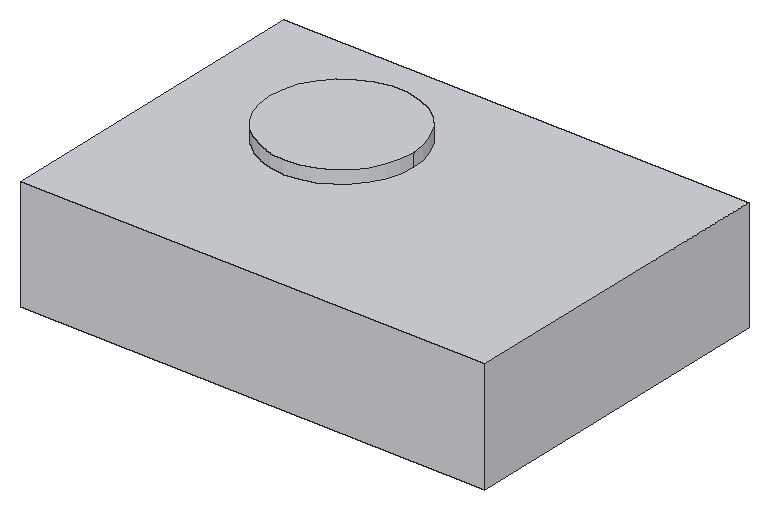
Revit family "concentric_vent_adapter_box", category Duct Accessories, Revit 2024
Family settings
  Round Connector Dimension = Use Diameter
  Part Type = Attaches To
  Work Plane-Based = No
  Always vertical = Yes
  Cut with Voids When Loaded = No
  Shared = No
Parameters
  box_width [instance] = 1' - 6 223/256"
  box_length [instance] = 1' - 1 25/64"
  box_heigth [instance] = 0' - 4 73/128"
  Default Elevation = 0' - 0"
Reference planes (in)
  plane 1 "Center (Front/Back)": y = 0
  plane 2: z = 0
  plane 3 "Center (Left/Right)": x = 0
  plane 4: y = 6.69531
  plane 5: x = 9.43555
  plane 6: x = -9.43555
  plane 7: y = -6.69531
  plane 8: z = 0.67566
  plane 9: z = 4.57031
  plane 10: x = 1.31445
  plane 11: x = -3.20555
  plane 12: y = 1.83531
  plane 13: y = -2.09531
Forms (in)
  Extrusion 1, solid
    sketch origin (0, 0, 0) x (1, 0, 0) y (0, 1, 0)
      loop
        line (-9.43555, 6.69531) -> (-9.43555, -6.69531) -> (9.43555, -6.69531) -> (9.43555, 6.69531) -> (-9.43555, 6.69531)
    from 0 to 4.57031 <- "box_heigth"
  Extrusion 2, solid
    sketch origin (-6.72694, -180, 4.57031) x (-1, 0, 0) y (0, -1, 0)
      loop
        circle (-3.52139, -181.83531) r 2.93
    from 0 to 0.53125
  Extrusion 3, solid
    sketch origin (0, 0, 0) x (1, 0, 0) y (0, 1, 0)
      loop
        circle (-3.20555, 1.83531) r 2.43
      loop
        circle (1.31445, -2.09531) r 1.93
    from 0 to -1.17188
Dimensions and locks (in)
  equal spacing: plane 6, plane 3 "Center (Left/Right)", plane 5
  equal spacing: plane 4, plane 1 "Center (Front/Back)", plane 7
  "box_width": plane 6 to plane 5
  "box_length": plane 4 to plane 7
  plane 8 to level = 0' - 0.67566"
  "box_heigth": plane 9 to level
  plane 7 to plane 13 = 0' - 4.6"
  plane 6 to plane 11 = 0' - 6.23"
  locked: plane 6 to plane 10 at 10.75
  plane 4 to plane 12 = 0' - 4.86"
  diameter of Extrusion 2 sketch curve = 0' - 5.86"
  diameter of Extrusion 3 sketch curve = 0' - 4.86"
  diameter of Extrusion 3 sketch curve = 0' - 3.86"
  aligned and locked: plane 2 to level
  aligned and locked: Extrusion 1 sketch curve to plane 4
  aligned and locked: Extrusion 1 sketch curve to plane 6
  aligned and locked: Extrusion 1 sketch curve to plane 7
  aligned and locked: Extrusion 1 sketch curve to plane 5
  aligned and locked: plane 11 to Extrusion 3 sketch curve
  aligned and locked: plane 12 to Extrusion 3 sketch curve
  aligned and locked: plane 10 to Extrusion 3 sketch curve
  aligned and locked: plane 13 to Extrusion 3 sketch curve
  aligned and locked: plane 11 to Extrusion 2 sketch curve
  aligned and locked: plane 12 to Extrusion 2 sketch curve
Connectors (in)
  hvac at (-3.20555, 1.83531, 5.10156)
    settings: on Extrusion 2, index 1, duct flow 0 CFM, flow factor 0, pres drop 0.00 in-wg, loss coef 0, conn angle 0.00°, conn width 12", conn height 12", conn diameter 6", duct sys type 29, conn prof type 0, flow config 0, flow direction 0, loss method 0, conn ref index -1, conn util no, is conn primary yes, conn desc ""
  hvac at (-3.20555, 1.83531, -1.17188)
    settings: on Extrusion 3, index 2, duct flow 0 CFM, flow factor 0, pres drop 0.00 in-wg, loss coef 0, conn angle 0.00°, conn width 12", conn height 12", conn diameter 5", duct sys type 29, conn prof type 0, flow config 0, flow direction 0, loss method 0, conn ref index -1, conn util no, is conn primary no, conn desc ""
  hvac at (1.31445, -2.09531, -1.17188)
    settings: on Extrusion 3, index 3, duct flow 0 CFM, flow factor 0, pres drop 0.00 in-wg, loss coef 0, conn angle 0.00°, conn width 12", conn height 12", conn diameter 4", duct sys type 29, conn prof type 0, flow config 0, flow direction 0, loss method 0, conn ref index -1, conn util no, is conn primary no, conn desc ""
